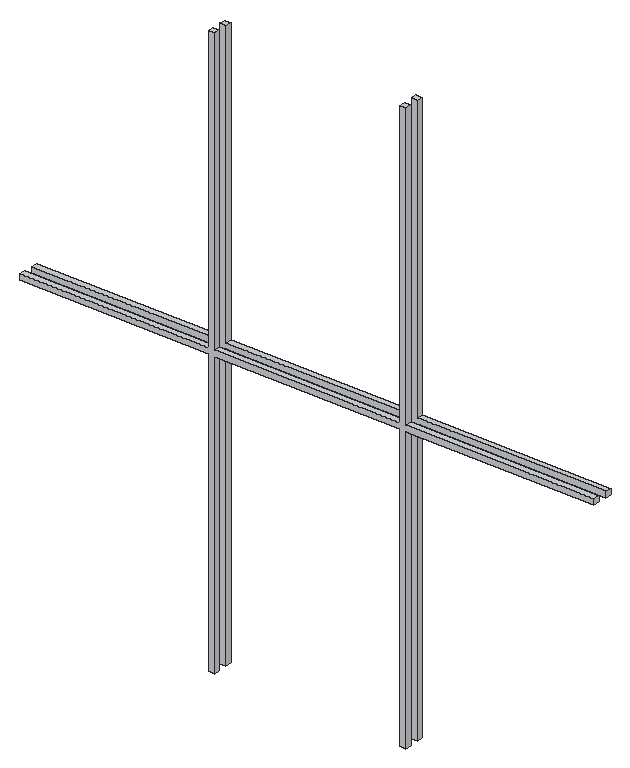
Revit family "f4d56f89e6034f5195a3b7c98e775b1b", category Generic Models, Revit 2021
Family settings
  Can host rebar = No
  Round Connector Dimension = Use Diameter
  Part Type = Normal
  Work Plane-Based = No
  Always vertical = Yes
  Cut with Voids When Loaded = No
  Shared = Yes
  Room Calculation Point = No
Parameters
  Width [instance] = 4' - 0"
  Thickness = 0' - 0 1/2"
  Height [instance] = 4' - 0"
  Interior Material [instance] = none
  Exterior Material [instance] = none
  Distance = 0' - 0 3/4"
  Default Elevation = 0' - 0"
Reference planes (in)
  plane 1 "Center (Front/Back)": y = 0
  plane 2: z = 0
  plane 3 "Center (Left/Right)": x = 0
  plane 4: z = 48
  plane 5: x = -24
  plane 6: x = 24
  plane 7: z = 24
  plane 8 "a": y = 0.375
  plane 9 "b": y = -0.375
  plane 10: y = 0.875
  plane 11: y = -0.875
  plane 12: x = -8.25
  plane 13: x = -7.75
  plane 14: x = -8
  plane 15: x = 7.75
  plane 16: x = 8.25
  plane 17: x = 8
  plane 18: z = 24.25
  plane 19: z = 23.75
Forms (in)
  Extrusion 1, solid, material <- "Exterior Material", detail levels fine
    sketch origin (0, 0.375, 0) x (-1, 0, 0) y (0, 0, 1)
      loop
        line (8.25, 0) -> (8.25, 23.75) -> (24, 23.75) -> (24, 24.25) -> (8.25, 24.25) -> (8.25, 48) -> (7.75, 48) -> (7.75, 24.25) -> (-7.75, 24.25) -> (-7.75, 48) -> (-8.25, 48) -> (-8.25, 24.25) -> (-24, 24.25) -> (-24, 23.75) -> (-8.25, 23.75) -> (-8.25, 0) -> (-7.75, 0) -> (-7.75, 23.75) -> (7.75, 23.75) -> (7.75, 0) -> (8.25, 0)
    from 0 to 0.5
  Extrusion 2, solid, material <- "Interior Material", detail levels fine
    sketch origin (0, -0.375, 0) x (-1, 0, 0) y (0, 0, 1)
      loop
        line (8.25, 48) -> (7.75, 48) -> (7.75, 24.25) -> (-7.75, 24.25) -> (-7.75, 48) -> (-8.25, 48) -> (-8.25, 24.25) -> (-24, 24.25) -> (-24, 23.75) -> (-8.25, 23.75) -> (-8.25, 0) -> (-7.75, 0) -> (-7.75, 23.75) -> (7.75, 23.75) -> (7.75, 0) -> (8.25, 0) -> (8.25, 23.75) -> (24, 23.75) -> (24, 24.25) -> (8.25, 24.25) -> (8.25, 48)
    from 0 to -0.5
Lines and regions (in)
  model lines, detail levels medium
    curve 1: line (-8, 0.375, 48) -> (-8, 0.375, 0)
    curve 2: line (8, 0.375, 48) -> (8, 0.375, 0)
    curve 3: line (-24, 0.375, 24) -> (24, 0.375, 24)
    curve 4: line (-8, -0.375, 48) -> (-8, -0.375, 0)
    curve 5: line (8, -0.375, 48) -> (8, -0.375, 0)
    curve 6: line (-24, -0.375, 24) -> (24, -0.375, 24)
Dimensions and locks (in)
  equal spacing: plane 6, plane 3 "Center (Left/Right)", plane 5
  "Width": plane 6 to plane 5
  "Height": plane 4 to plane 2
  equal spacing: plane 4, plane 7, plane 2
  equal spacing: plane 8 "a", plane 1 "Center (Front/Back)", plane 9 "b"
  "Distance": plane 8 "a" to plane 9 "b"
  locked: curve 1 to Extrusion 1 sketch curve at 0.25  (x2)
  locked: curve 2 to Extrusion 1 sketch curve at 0.25
  curve 2 to Extrusion 1 sketch curve = 0' - 0 1/4"
  locked: Extrusion 1 sketch curve to plane 7 at 0.25
  locked: plane 7 to Extrusion 1 sketch curve at 0.25
  "Thickness": plane 10 to plane 8 "a"
  "Thickness": plane 9 "b" to plane 11
  equal spacing: plane 12, plane 14, plane 13
  locked: plane 12 to plane 13 at 0.5
  equal spacing: plane 15, plane 17, plane 16
  locked: plane 15 to plane 16 at 0.5
  equal spacing: plane 18, plane 7, plane 19
  locked: plane 18 to plane 19 at 0.5
  equal spacing: plane 6, plane 17, plane 14, plane 5
  aligned and locked: plane 2 to level
  aligned and locked: Extrusion 1 sketch curve to Extrusion 1 sketch curve  (x3)
  aligned and locked: plane 4 to Extrusion 1 sketch curve  (x2)
  aligned and locked: Extrusion 1 sketch curve to plane 2  (x2)
  aligned and locked: plane 4 to curve 2
  aligned and locked: plane 4 to curve 1
  aligned and locked: plane 5 to curve 3
  aligned and locked: plane 2 to curve 1
  aligned and locked: plane 2 to curve 2
  aligned and locked: plane 6 to curve 3
  aligned and locked: plane 5 to Extrusion 1 sketch curve
  aligned and locked: Extrusion 1 sketch curve to plane 6
  aligned and locked: curve 3 to plane 7
  aligned and locked: Extrusion 1 to plane 8 "a"
  aligned and locked: Extrusion 1 to plane 10
  aligned and locked: curve 1 to plane 14
  aligned and locked: curve 2 to plane 17
  aligned and locked: plane 4 to Extrusion 2 sketch curve  (x2)
  aligned and locked: Extrusion 2 sketch curve to plane 12
  aligned and locked: plane 13 to Extrusion 2 sketch curve  (x2)
  aligned and locked: Extrusion 2 sketch curve to plane 15
  aligned and locked: plane 16 to Extrusion 2 sketch curve  (x2)
  aligned and locked: plane 18 to Extrusion 2 sketch curve  (x2)
  aligned and locked: Extrusion 2 sketch curve to plane 18
  aligned and locked: Extrusion 2 sketch curve to plane 5
  aligned and locked: Extrusion 2 sketch curve to plane 19  (x3)
  aligned and locked: plane 6 to Extrusion 2 sketch curve
  aligned and locked: plane 15 to Extrusion 2 sketch curve
  aligned and locked: Extrusion 2 sketch curve to level  (x2)
  aligned and locked: plane 12 to Extrusion 2 sketch curve
  aligned and locked: plane 9 "b" to Extrusion 2
  aligned and locked: Extrusion 2 to plane 11
  aligned and locked: level to curve 4
  aligned and locked: curve 4 to plane 14
  aligned and locked: plane 4 to curve 4
  aligned and locked: curve 5 to plane 17
  aligned and locked: level to curve 5
  aligned and locked: plane 4 to curve 5
  aligned and locked: curve 6 to plane 7
  aligned and locked: plane 6 to curve 6
  aligned and locked: plane 5 to curve 6
Automatic sketch dimensions
  Extrusion 1 sketch curve to Extrusion 1 sketch curve = 0' - 0"
  Extrusion 1 sketch curve to plane 7 = 0' - 0 1/4"  (x2)
  plane 7 to Extrusion 1 sketch curve = 0' - 0 1/4"  (x2)
